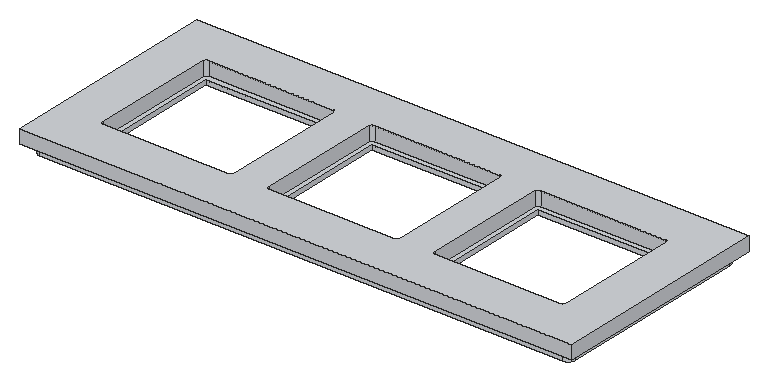
Revit family "Gira_021310", category Electrical Fixtures, host Face, Revit 2017
Family settings
  Host = Face
  Maintain Annotation Orientation = No
  Round Connector Dimension = Use Diameter
  Part Type = Normal
  Cut with Voids When Loaded = No
  Shared = No
  Room Calculation Point = No
Parameters (values of type "Cov.fr. 3-g Gira Esprit chrome")
  With mounting grid = "No"
  With hinged lid = "No"
  URL = "http://katalog.gira.de/en/datenblatt.html?artikelnr=021310"
  Type of fastening = "Clamp mounting"
  Transparent = "No"
  Surface protection = "Other"
  Suitable for wall duct = "No"
  Suitable for flush-mounted installation = "Yes"
  Suitable for floor box = "No"
  Suitable for built-in installation = "No"
  Number of units vertical = "3"
  Number of units horizontal = "3"
  Number of units = "3"
  Name = "Cov.fr. 3-g Gira Esprit chrome"
  Mounting direction = "Horizontal and vertical"
  Material quality = "Other"
  Material = "Metal"
  Manufacturer URL = "https://www.gira.de/"
  Manufacturer = "Gira"
  Label space/information surface = "No"
  Keynote = ""
  HeinzeBIM = "https://bimportal.heinze.de/bim/cov-fr-3-g-gira-esprit-chrome/e35f137dc03129ae3c71d2eed4f7b8e979529470"
  Halogen free = "No"
  HAN = "021310"
  GTIN = "4010337003038"
  Description = "Cov.fr.3g Espr. CH,Gira Esprit cover frame,chrome,3-gang,Features:,- Highly-polished surface."
  Degree of protection (IP) = "IP20"
  Default Elevation = 1219.2 mm
  Data sheet (1) = "https://katalog.gira.de/en/download.html?artikelnr=021310"
  Colour = "Chrome"
  Category = "Cover frame for domestic switching devices"
  BIM (1) = "https://media.stage.bim.site/public/gira/36a6b08/Espr._Rahmen_3fach.rfa"
  Available = "No"
Reference planes
  plane 1 "Center (Front/Back)": y = 0
  plane 2: z = 0
  plane 3 "Center (Left/Right)": x = 0
Forms (mm)
  Extrusion 1, solid, detail levels fine
    sketch origin (0, 0, 0) x (1, 0, 0) y (0, 1, 0)
      loop
        line (-118.4, 47.5) -> (-118.4, -47.5) -> (118.4, -47.5) -> (118.4, 47.5) -> (-118.4, 47.5)
      loop
        arc (-99.5, -26.7) -> (-99.061, -27.761) -> (-98, -28.2) r 1.5
        line (-98, -28.2) -> (-44.6, -28.2)
        arc (-44.6, -28.2) -> (-43.539, -27.761) -> (-43.1, -26.7) r 1.5
        line (-43.1, -26.7) -> (-43.1, 26.7)
        arc (-43.1, 26.7) -> (-43.539, 27.761) -> (-44.6, 28.2) r 1.5
        line (-44.6, 28.2) -> (-98, 28.2)
        arc (-98, 28.2) -> (-99.061, 27.761) -> (-99.5, 26.7) r 1.5
        line (-99.5, 26.7) -> (-99.5, -26.7)
      loop
        arc (-28.2, -26.7) -> (-27.761, -27.761) -> (-26.7, -28.2) r 1.5
        line (-26.7, -28.2) -> (26.7, -28.2)
        arc (26.7, -28.2) -> (27.761, -27.761) -> (28.2, -26.7) r 1.5
        line (28.2, -26.7) -> (28.2, 26.7)
        arc (28.2, 26.7) -> (27.761, 27.761) -> (26.7, 28.2) r 1.5
        line (26.7, 28.2) -> (-26.7, 28.2)
        arc (-26.7, 28.2) -> (-27.761, 27.761) -> (-28.2, 26.7) r 1.5
        line (-28.2, 26.7) -> (-28.2, -26.7)
      loop
        arc (43.1, -26.7) -> (43.539, -27.761) -> (44.6, -28.2) r 1.5
        line (44.6, -28.2) -> (98, -28.2)
        arc (98, -28.2) -> (99.061, -27.761) -> (99.5, -26.7) r 1.5
        line (99.5, -26.7) -> (99.5, 26.7)
        arc (99.5, 26.7) -> (99.061, 27.761) -> (98, 28.2) r 1.5
        line (98, 28.2) -> (44.6, 28.2)
        arc (44.6, 28.2) -> (43.539, 27.761) -> (43.1, 26.7) r 1.5
        line (43.1, 26.7) -> (43.1, -26.7)
    from 0 to 6
  Extrusion 2, solid, detail levels fine
    sketch origin (0, 0, 0) x (1, 0, 0) y (0, 1, 0)
      loop
        line (-97.2, -25.7) -> (-45.4, -25.7) -> (-45.4, 25.7) -> (-97.2, 25.7) -> (-97.2, -25.7)
      loop
        line (97.2, 25.7) -> (45.4, 25.7) -> (45.4, -25.7) -> (97.2, -25.7) -> (97.2, 25.7)
      loop
        arc (-114.002, -41.3) -> (-113.474, -42.573) -> (-112.202, -43.1) r 1.8
        line (-112.202, -43.1) -> (112.202, -43.1)
        arc (112.202, -43.1) -> (113.474, -42.573) -> (114.002, -41.3) r 1.8
        line (114.002, -41.3) -> (114.002, 41.3)
        arc (114.002, 41.3) -> (113.474, 42.573) -> (112.202, 43.1) r 1.8
        line (112.202, 43.1) -> (-112.202, 43.1)
        arc (-112.202, 43.1) -> (-113.474, 42.573) -> (-114.002, 41.3) r 1.8
        line (-114.002, 41.3) -> (-114.002, -41.3)
      loop
        line (25.9, 25.7) -> (-25.9, 25.7) -> (-25.9, -25.7) -> (25.9, -25.7) -> (25.9, 25.7)
    from -1.9 to 0
  Extrusion 3, solid, detail levels fine
    sketch origin (0, 0, 0) x (1, 0, 0) y (0, 1, 0)
      loop
        arc (-112.3, 44.4) -> (-114.421, 43.521) -> (-115.3, 41.4) r 3
        line (-115.3, 41.4) -> (-115.3, -41.4)
        arc (-115.3, -41.4) -> (-114.421, -43.521) -> (-112.3, -44.4) r 3
        line (-112.3, -44.4) -> (112.3, -44.4)
        arc (112.3, -44.4) -> (114.421, -43.521) -> (115.3, -41.4) r 3
        line (115.3, -41.4) -> (115.3, 41.4)
        arc (115.3, 41.4) -> (114.421, 43.521) -> (112.3, 44.4) r 3
        line (112.3, 44.4) -> (-112.3, 44.4)
      loop
        arc (-114.1, -41.4) -> (-113.573, -42.673) -> (-112.3, -43.2) r 1.8
        line (-112.3, -43.2) -> (112.3, -43.2)
        arc (112.3, -43.2) -> (113.573, -42.673) -> (114.1, -41.4) r 1.8
        line (114.1, -41.4) -> (114.1, 41.4)
        arc (114.1, 41.4) -> (113.573, 42.673) -> (112.3, 43.2) r 1.8
        line (112.3, 43.2) -> (-112.3, 43.2)
        arc (-112.3, 43.2) -> (-113.573, 42.673) -> (-114.1, 41.4) r 1.8
        line (-114.1, 41.4) -> (-114.1, -41.4)
    from -3.7 to 0
  Extrusion 4, solid, detail levels medium
    sketch origin (0, 0, 0) x (1, 0, 0) y (0, 1, 0)
      loop
        line (-118.4, 47.5) -> (-118.4, -47.5) -> (118.4, -47.5) -> (118.4, 47.5) -> (-118.4, 47.5)
    from 0 to 6
  Extrusion 5, solid, detail levels medium
    sketch origin (0, 0, 0) x (1, 0, 0) y (0, 1, 0)
      loop
        line (-115.3, 44.4) -> (-115.3, -44.4) -> (115.3, -44.4) -> (115.3, 44.4) -> (-115.3, 44.4)
    from -3.7 to 0
  Extrusion 6, solid, detail levels coarse
    sketch origin (0, 0, 0) x (1, 0, 0) y (0, 1, 0)
      loop
        line (-118.4, 47.5) -> (-118.4, -47.5) -> (118.4, -47.5) -> (118.4, 47.5) -> (-118.4, 47.5)
    from -3.7 to 6
Dimensions and locks
  aligned and locked: plane 2 to host face
  aligned and locked: level to host face
